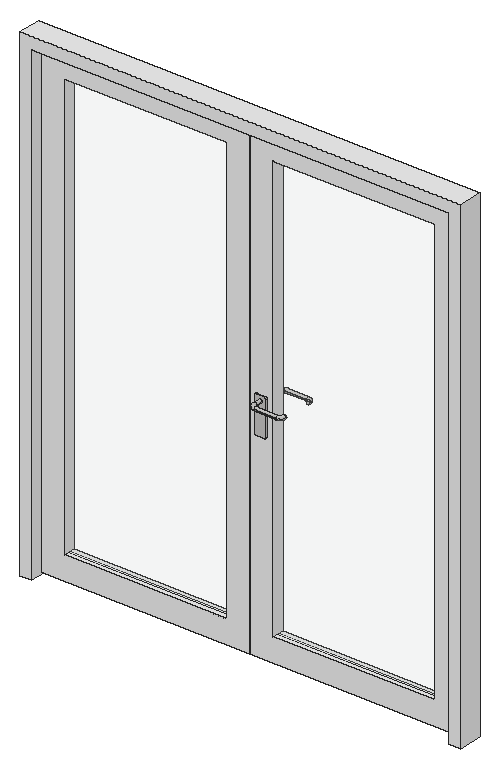
Revit family "Double Glass", category Doors, host Wall, Revit 2015
Parameters (values of type "18x21M")
  c = Thickness / 2  # 25 mm
  Wall Thickness [instance] = 150 mm
  URL = "www.cad-q.no"
  Thickness = 50 mm
  Rail Width = 100 mm
  Module Width = Rough Width / 100 mm  # 19
  Module Height = Rough Height / 100 mm  # 21
  Material Glass = none
  Gap Side [instance] = 10 mm
  Gap Top [instance] = 20 mm
  Threshold [instance] = no
  Rough Width = 1890 mm
  Rough Height = 2090 mm
  Model = ""
  Material Threshold = Wood
  Material Panel = none
  Material Frame = none
  Offset [instance] = 0 mm
  Height [instance] = Rough Height + Gap Top  # 2110 mm
  Wall Closure = By host
  Width [instance] = Rough Width + Gap Side * 2  # 1910 mm
  Function = Interior
  Frame Width = 50 mm
  Frame Depth = 100 mm
  Fire Rating = "-"
  DoorBasalOpening = "V"
  Door Handle [instance] = Stainless Steel : Stainless Steel
  Construction Type = ""
  Analytic Construction = "<None>"
Reference planes
  plane 1: y = -10
  plane 2 "Center (Left/Right)": x = 0
  plane 3 "Left": x = -945
  plane 4 "Right": x = 945
  plane 5: z = 2090
  plane 6 "Exterior": y = 65
  plane 7 "Interior": y = -85
  plane 8: x = -955
  plane 9: x = 955
  plane 10 "Offset": y = 65
  plane 11: z = 2110
  plane 12: z = 1045
  plane 13: x = 50
  plane 14: x = -955
  plane 15: x = 955
  plane 16: y = -35
  plane 17: z = 2110
  plane 18: y = 40
Forms (mm)
  Sweep 1, solid, material <- "Material Frame"
    path origin (0, 65, 0) x (-1, 0, 0) y (0, 0, 1)
      loop
        line (945, 0) -> (945, 2090) -> (-945, 2090) -> (-945, 0)
    profile origin (945, 65, 1045) x (0, 1, 0) y (-1, 0, 0)
      loop
        line (0, 0) -> (0, 50) -> (-100, 50) -> (-100, 0) -> (0, 0)
  Sweep 2, solid, material "Wood" <- "Material Threshold", visible <- "Threshold"
    path origin (0, 65, 0) x (-1, 0, 0) y (0, 0, 1)
      loop
        line (-895, 0) -> (895, 0)
    profile origin (0, 65, 0) x (0, 0, 1) y (0, 1, 0)
      loop
        line (0, 0) -> (0, -100) -> (10, -100) -> (10, 0) -> (0, 0)
  Extrusion 3, solid, material <- "Material Panel"
    sketch origin (0, 65, 0) x (-1, 0, 0) y (0, 0, 1)
      loop
        line (-895, 10) -> (0, 10) -> (0, 2040) -> (-895, 2040) -> (-895, 10)
      loop
        line (-795, 110) -> (-100, 110) -> (-100, 1940) -> (-795, 1940) -> (-795, 110)
    from 0 to -50
  Extrusion 4, solid, material <- "Material Panel"
    sketch origin (0, 65, 0) x (-1, 0, 0) y (0, 0, 1)
      loop
        line (895, 10) -> (895, 2040) -> (0, 2040) -> (0, 10) -> (895, 10)
      loop
        line (100, 110) -> (795, 110) -> (795, 1940) -> (100, 1940) -> (100, 110)
    from 0 to -50
  Extrusion 5, solid, material <- "Material Glass"
    sketch origin (0, 65, 0) x (-1, 0, 0) y (0, 0, 1)
      loop
        line (-795, 1940) -> (-795, 110) -> (-100, 110) -> (-100, 1940) -> (-795, 1940)
    from -30 to -20
  Extrusion 6, solid, material <- "Material Glass"
    sketch origin (0, 65, 0) x (-1, 0, 0) y (0, 0, 1)
      loop
        line (100, 110) -> (795, 110) -> (795, 1940) -> (100, 1940) -> (100, 110)
    from -30 to -20
Lines and regions (mm)
  Opening 1
    outline origin (-3050, -85, 0) x (1, 0, 0) y (0, 0, 1)
      loop
        line (2095, 0) -> (4005, 0) -> (4005, 2110) -> (2095, 2110) -> (2095, 0)
  symbolic lines, style "Plan Swing", detail levels medium+fine
    curve 1: line (-895, 65, 0) -> (-895, 960, 0)
    curve 2: arc (0, 65, 0) -> (-262.139, 697.861, 0) -> (-895, 960, 0) r 895
    curve 3: line (895, 65, 0) -> (895, 960, 0)
    curve 4: arc (0, 65, 0) -> (262.139, 697.861, 0) -> (895, 960, 0) r 895
  symbolic lines, style "Plan Swing", detail levels coarse
    curve 5: line (-955, 65, 0) -> (-955, 1020, 0)
    curve 6: arc (0, 65, 0) -> (-279.713, 740.287, 0) -> (-955, 1020, 0) r 955
    curve 7: line (955, 65, 0) -> (955, 1020, 0)
    curve 8: arc (0, 65, 0) -> (279.713, 740.287, 0) -> (955, 1020, 0) r 955
  symbolic lines, style "DoorsFrameMullionProjection", detail levels medium
    curve 9: line (-955, 65, 0) -> (-895, 65, 0)
    curve 11: line (-895, -35, 0) -> (-955, -35, 0)
    curve 15: line (955, 65, 0) -> (895, 65, 0)
    curve 17: line (895, -35, 0) -> (955, -35, 0)
  symbolic lines, style "DoorsFrameMullionProjection", detail levels medium+fine
    curve 10: line (-895, 65, 0) -> (-895, -35, 0)
    curve 16: line (895, 65, 0) -> (895, -35, 0)
  symbolic lines, style "DoorsFrameMullionProjection", detail levels fine
    curve 12: line (-895, 65, 0) -> (-945, 65, 0)
    curve 13: line (-945, 65, 0) -> (-945, -35, 0)
    curve 14: line (-945, -35, 0) -> (-895, -35, 0)
    curve 18: line (895, 65, 0) -> (945, 65, 0)
    curve 19: line (945, 65, 0) -> (945, -35, 0)
    curve 20: line (945, -35, 0) -> (895, -35, 0)
  symbolic lines, style "DoorsFrameMullionProjection", visible <- "Threshold", detail levels medium+fine
    curve 21: line (-895, -35, 0) -> (895, -35, 0)
    curve 22: line (-895, 65, 0) -> (895, 65, 0)
  symbolic lines, style "Elevation Swing", detail levels medium+fine
    curve 23: line (945, 65, 2090) -> (0, 65, 1045)
    curve 24: line (0, 65, 1045) -> (945, 65, 0)
    curve 25: line (-945, 65, 2090) -> (0, 65, 1045)
    curve 26: line (0, 65, 1045) -> (-945, 65, 0)
Text (mm)
  text "Exterior" at (-2295.016, 1099.543, 0), in view "Ref. Level"
  text "Exterior" at (0, 1615.38, 3698.081), in view "Left"
  text "Exterior" at (0, 1036.032, 3874.932), in view "Right"
Dimensions and locks
  equal spacing: plane 3 "Left", plane 2 "Center (Left/Right)", plane 4 "Right"
  "Rough Width": plane 3 "Left" to plane 4 "Right"
  "Rough Height": plane 5 to host wall
  locked: plane 6 "Exterior" to host wall at 0
  locked: plane 7 "Interior" to host wall
  "Gap Side": plane 4 "Right" to plane 9
  "Gap Side": plane 8 to plane 3 "Left"
  "Gap Top": plane 5 to plane 11
  "Offset": plane 6 "Exterior" to plane 10 "Offset"
  locked: Sweep 2 sketch curve to Sweep 2 sketch curve at 10
  equal spacing: level, plane 12, plane 5
  locked: plane 13 to plane 2 "Center (Left/Right)" at 50
  "Frame Depth": plane 10 "Offset" to plane 16
  "Frame Width": Sweep 1 sketch curve to plane 4 "Right"
  "Wall Thickness": host wall to host wall
  "Thickness": plane 10 "Offset" to Extrusion 4
  "Thickness": plane 10 "Offset" to Extrusion 3
  "Rail Width": Extrusion 3 to Extrusion 3  (x3)
  "Rail Width": Extrusion 3 to plane 2 "Center (Left/Right)"
  "Rail Width": plane 2 "Center (Left/Right)" to Extrusion 4
  "Rail Width": Extrusion 4 to Extrusion 4  (x3)
  "c": plane 10 "Offset" to plane 18
  equal spacing: Extrusion 6, plane 18, Extrusion 6
  locked: Extrusion 6 to Extrusion 6 at 10
  equal spacing: Extrusion 5, plane 18, Extrusion 5
  locked: Extrusion 5 to Extrusion 5 at 10
  aligned and locked: Opening 1 sketch curve to level
  aligned and locked: plane 1 to host wall
  aligned and locked: Opening 1 sketch curve to plane 9
  aligned and locked: plane 11 to Opening 1 sketch curve
  aligned and locked: Opening 1 sketch curve to plane 8
  aligned and locked: Sweep 2 sketch curve to Sweep 1
  aligned and locked: profile plane to Sweep 2 sketch curve
  aligned and locked: Sweep 1 sketch curve to plane 10 "Offset"
  aligned and locked: Sweep 1 to Extrusion 3 sketch curve
  aligned and locked: Extrusion 3 sketch curve to Sweep 1
  aligned and locked: Extrusion 3 sketch curve to plane 2 "Center (Left/Right)"
  aligned and locked: Sweep 2 to Extrusion 3 sketch curve
  aligned and locked: Extrusion 4 sketch curve to Sweep 2
  aligned and locked: Extrusion 4 sketch curve to plane 2 "Center (Left/Right)"
  aligned and locked: Sweep 1 to Extrusion 4 sketch curve
  aligned and locked: Extrusion 4 sketch curve to Sweep 1
  aligned and locked: curve 9 to plane 10 "Offset"
  aligned and locked: curve 10 to Sweep 1
  aligned and locked: plane 10 "Offset" to curve 12
  aligned and locked: plane 3 "Left" to curve 13
  aligned and locked: Sweep 1 to curve 16
  aligned and locked: plane 10 "Offset" to curve 15
  aligned and locked: curve 18 to plane 10 "Offset"
  aligned and locked: plane 4 "Right" to curve 19
  aligned and locked: plane 8 to plane 14
  aligned and locked: plane 9 to plane 15
  aligned and locked: plane 16 to Sweep 1 sketch curve
  aligned and locked: Sweep 2 sketch curve to plane 16
  aligned and locked: plane 17 to plane 11
  aligned and locked: nested 1 to plane 13
  aligned and locked: nested 2 to plane 10 "Offset"
  aligned and locked: Extrusion 3 to nested 1
  aligned and locked: plane 13 to nested 2
  aligned and locked: Extrusion 5 sketch curve to Extrusion 3  (x4)
  aligned and locked: Extrusion 6 sketch curve to Extrusion 4  (x4)
Automatic sketch dimensions
  Sweep 1 sketch curve to level = 0 mm  (x2)
  Sweep 1 sketch curve to plane 4 "Right" = 0 mm
  Sweep 1 sketch curve to plane 3 "Left" = 0 mm
  Sweep 1 sketch curve to plane 5 = 0 mm
  Sweep 1 sketch curve to profile plane = 0 mm
  Sweep 2 sketch curve to level = 0 mm
  Sweep 2 sketch curve to plane 3 "Left" = 50 mm
  Sweep 2 sketch curve to profile plane = 0 mm
  curve 5 to host wall = 0 mm
  curve 5 to plane 8 = 0 mm
  curve 11 to plane 8 = 0 mm
  curve 9 to plane 8 = 0 mm
  curve 8 to plane 2 "Center (Left/Right)" = 0 mm
  curve 6 to plane 2 "Center (Left/Right)" = 0 mm
  curve 4 to plane 2 "Center (Left/Right)" = 0 mm
  curve 2 to plane 2 "Center (Left/Right)" = 0 mm
  curve 17 to plane 9 = 0 mm
  curve 15 to plane 9 = 0 mm
  curve 7 to host wall = 0 mm
  curve 7 to plane 9 = 0 mm
  curve 19 to plane 16 = 0 mm
  curve 24 to level = 0 mm
  plane 4 "Right" to curve 24 = 0 mm
  plane 4 "Right" to curve 23 = 0 mm
  curve 24 to plane 2 "Center (Left/Right)" = 0 mm
  curve 26 to level = 0 mm
  plane 3 "Left" to curve 26 = 0 mm
  plane 3 "Left" to curve 25 = 0 mm
  curve 24 to plane 12 = 0 mm
  curve 25 to plane 5 = 0 mm
  curve 23 to plane 5 = 0 mm
  Extrusion 3 sketch curve to Extrusion 3 sketch curve = 100 mm  (x2)
  Extrusion 3 sketch curve to plane 13 = 50 mm
  level to Extrusion 3 sketch curve = 110 mm
  Extrusion 4 sketch curve to plane 2 "Center (Left/Right)" = 100 mm
  Extrusion 4 sketch curve to Extrusion 4 sketch curve = 100 mm  (x2)
  level to Extrusion 4 sketch curve = 110 mm
Nested families
  nested 1: "Stainless Steel" at (50, 15, 1000), type <- "Door Handle", type "Stainless Steel"
  nested 2: "Stainless Steel" at (50, 65, 1000), type <- "Door Handle", type "Stainless Steel"
Definition of nested family "Stainless Steel"
  Parameters
    Assembly Code = ""
  Reference planes
    plane 1 "Center (Front/Back)": y = 0
    plane 2: z = 0
    plane 3 "Center (Left/Right)": x = 0
  Forms (mm)
    Extrusion 1, solid, detail levels medium+fine
      sketch origin (0, 0, 0) x (1, 0, 0) y (0, 0, 1)
        loop
          arc (-18, 22) -> (-22.95, 19.95) -> (-25, 15) r 7
          line (-25, 15) -> (-25, -130.014)
          arc (-25, -130.014) -> (-22.95, -134.963) -> (-18, -137.014) r 7
          line (-18, -137.014) -> (18, -137.014)
          arc (18, -137.014) -> (22.95, -134.963) -> (25, -130.014) r 7
          line (25, -130.014) -> (25, 15)
          arc (25, 15) -> (22.95, 19.95) -> (18, 22) r 7
          line (18, 22) -> (-18, 22)
      from 0 to 5.6
    Sweep 2, solid, detail levels medium+fine
      path origin (0, 0, 0) x (1, 0, 0) y (0, 1, 0)
        loop
          line (0, -5.608) -> (0, -35.608)
          arc (0, -35.608) -> (5.858, -49.75) -> (20, -55.608) r 20
          line (20, -55.608) -> (116.25, -55.608)
          arc (116.25, -55.608) -> (125.973, -51.58) -> (130, -41.858) r 13.75
          line (130, -41.858) -> (130, -38.476)
      profile origin (0, -20.608, 0) x (1, 0, 0) y (0, 0, 1)
        loop
          circle (0, 0) r 7.5
